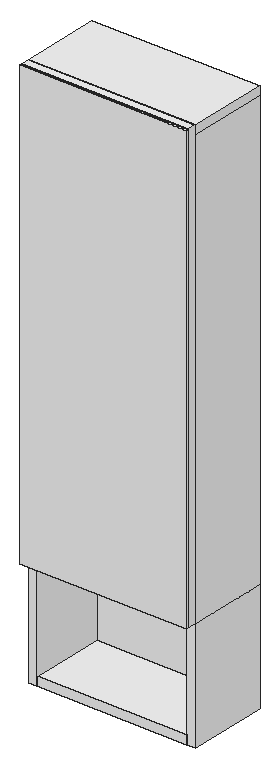
Revit family "Reece_Mirror_Posh_Domaine Plus_Mirror Cabinet", category Casework, Revit 2018
Family settings
  Work Plane-Based = Yes
  Always vertical = Yes
  Cut with Voids When Loaded = Yes
  Shared = Yes
  Room Calculation Point = Yes
Parameters (values of type "300 mm x 1000 mm_1 Door")
  Width = Reece_Overall_Width  # 300 mm
  URL = "https://www.reece.com.au/product/-2351391"
  Type Comments = "Mirror"
  Reece_Shelf_Visibility = yes
  Reece_Product_Web Page = "https://www.reece.com.au/product/-2351391"
  Reece_Product_Type = "Mirror"  # constant formula
  Reece_Product_Sub Brand = "Domaine Plus"  # constant formula
  Reece_Product_Number = "2351391"
  Reece_Product_Mount = "Wall Mounted"
  Reece_Product_Finishes_Web Page = "https://digitalassets.reecegroup.com.au/m/6d9540dd98ec1349/original/Finish-and-Material-Variations-ADP-Shaving-Cabinets-and-Tall-Boy.pdf"
  Reece_Product_Description = "Posh Domaine Plus 300mm x 1000mm Shaving Cabinet Open Shelf 1 Door"
  Reece_Product_Brand = "Posh"  # constant formula
  Reece_Panels_Count = 1
  Reece_Panel_Width = ((Reece_Overall_Width - 2 mm) - (Reece_Panels_Count - 1) * 2.5 mm) / Reece_Panels_Count  # 298 mm
  Reece_Overall_Width = 300 mm
  Reece_Overall_Height [instance] = 1000 mm
  Reece_Overall_Depth = 159 mm  # constant formula
  Reece_Open_Shelf_Height = if((Reece_Has_Open_Shelf), 200 mm, 0 mm)  # 200 mm
  Reece_Material_Shelf = Reece_Glass_Transparent_Grey
  Reece_Material_Colour = Reece_Light_LED_White
  Reece_Material_Secondary = Reece_Plastic_White
  Reece_Material_Main = Reece_Glass_Mirror
  Reece_Material_Cabinet = Reece_Solid_Surface_Matte_White
  Reece_Height_From_Level [instance] = 1000 mm
  Reece_Has_Open_Shelf = yes
  Reece_Double_GPO = if(and(Reece_Overall_Depth = 159 mm, Reece_Overall_Width > 1499 mm), 1 = 1, 1 = 0)  # no
  Reece_Domaine_Plus = 1 = 1  # yes
  Reece_Dividers = if(Reece_Divider_Count = 2, 1 = 1, 1 = 0)  # no
  Reece_Divider_Count = if(or(Reece_Panels_Count = 1, Reece_Panels_Count = 4), 1, Reece_Panels_Count - 1)  # 1
  Reece_Detail_Shape = ""
  Reece_Detail_Material = "Premium Graphite Interior"  # constant formula
  Reece_Detail_Installation = ""
  Reece_Detail_Disclaimer = "THIS FILE IS THE PROPERTY OF THE REECE GROUP. IT MAY NOT BE REPRODUCED, REVERSE-ENGINEERED OR MODIFIED. ANY REPUBLICATION, TRANSMISSION OR DISTRIBUTION FOR THE PURPOSE OF COMMERCIALLY EXPLOITING THE FILES IS PROHIBITED."  # constant formula
  Reece_Detail_Connector = ""
  Reece_Detail_Additional = "Please refer to Colour, Finish and Material Variations Document in the Reece_Product_Finishes_Web Page parameter for more information."  # constant formula
  Reece_Central_Divider_Visibility = no
  Reece_Cabinet_Height = 800 mm  # constant formula
  Reece_Bottom_Shelf_Offset = if(Reece_Domaine_Plus, 20 mm, 0 mm)  # 20 mm
  Reece_Bottom_Shelf_Face_Offset = if(Reece_Domaine_Plus, 10 mm, 0 mm)  # 10 mm
  Reece_Array_Count = if(Reece_Panels_Count = 1, 2, Reece_Panels_Count)  # 2
  Model = "Domaine Plus"
  Manufacturer = "Posh"
  Keynote = "Product #2351391, Reece_Mirror_Posh_Domaine Plus_Mirror Cabinet - 300 mm x 1000 mm_1 Door"
  Height = Reece_Cabinet_Height + Reece_Open_Shelf_Height  # 1000 mm
  Finish = "Please refer to Colour, Finish and Material Variations Document in the Reece_Product_Finishes_Web Page parameter for more information."  # constant formula
  Disclaimer = "THIS FILE IS THE PROPERTY OF THE REECE GROUP. IT MAY NOT BE REPRODUCED, REVERSE-ENGINEERED OR MODIFIED. ANY REPUBLICATION, TRANSMISSION OR DISTRIBUTION FOR THE PURPOSE OF COMMERCIALLY EXPLOITING THE FILES IS PROHIBITED."  # constant formula
  Description = "Posh Domaine Plus 300mm x 1000mm Shaving Cabinet Open Shelf 1 Door"
  Depth = Reece_Overall_Depth  # 159 mm
  Default Elevation = 0 mm
Types (17, lengths in mm): name | Width | URL | Reece_Shelf_Visibility | Reece_Product_Web Page | Reece_Product_Number | Reece_Product_Finishes_Web Page | Reece_Product_Description | Reece_Panels_Count | Reece_Panel_Width | Reece_Overall_Width | Reece_Overall_Height | Reece_Open_Shelf_Height | Reece_Has_Open_Shelf | Reece_Double_GPO | Reece_Dividers | Reece_Divider_Count | Reece_Central_Divider_Visibility | Reece_Array_Count | Keynote | Height | Description
  300 mm x 1000 mm_1 Door | 300 | "https://www.reece.com.au/product/-2351391" | yes | "https://www.reece.com.au/product/-2351391" | "2351391" | "https://digitalassets.reecegroup.com.au/m/6d9540dd98ec1349/original/Finish-and-Material-Variations-ADP-Shaving-Cabinets-and-Tall-Boy.pdf" | "Posh Domaine Plus 300mm x 1000mm Shaving Cabinet Open Shelf 1 Door" | 1 | 298 | 300 | 1000 | 200 | yes | no | no | 1 | no | 2 | "Product #2351391, Reece_Mirror_Posh_Domaine Plus_Mirror Cabinet - 300 mm x 1000 mm_1 Door" | 1000 | "Posh Domaine Plus 300mm x 1000mm Shaving Cabinet Open Shelf 1 Door"
  300 mm x 800 mm_1 Door | 300 | "https://www.reece.com.au/product/-2351398" | no | "https://www.reece.com.au/product/-2351398" | "2351398" | "https://digitalassets.reecegroup.com.au/m/6d9540dd98ec1349/original/Finish-and-Material-Variations-ADP-Shaving-Cabinets-and-Tall-Boy.pdf" | "Posh Domaine Plus 300mm x 800mm Shaving Cabinet Graphite Interior LED 1 Door" | 1 | 298 | 300 | 800 | 0 | no | no | no | 1 | no | 2 | "Product #2351398, Reece_Mirror_Posh_Domaine Plus_Mirror Cabinet - 300 mm x 800 mm_1 Door" | 800 | "Posh Domaine Plus 300mm x 800mm Shaving Cabinet Graphite Interior LED 1 Door"
  400 mm x 1000 mm_1 Door | 400 | "https://www.reece.com.au/product/-2351392" | yes | "https://www.reece.com.au/product/-2351392" | "2351392" | "https://digitalassets.reecegroup.com.au/m/6d9540dd98ec1349/original/Finish-and-Material-Variations-ADP-Shaving-Cabinets-and-Tall-Boy.pdf" | "Posh Domaine Plus 400mm x 1000mm Shaving Cabinet Open Shelf 1 Door" | 1 | 398 | 400 | 1000 | 200 | yes | no | no | 1 | no | 2 | "Product #2351392, Reece_Mirror_Posh_Domaine Plus_Mirror Cabinet - 400 mm x 1000 mm_1 Door" | 1000 | "Posh Domaine Plus 400mm x 1000mm Shaving Cabinet Open Shelf 1 Door"
  400 mm x 800 mm_1 Door | 400 | "https://www.reece.com.au/product/-2351399" | yes | "https://www.reece.com.au/product/-2351399" | "2351399" | "https://digitalassets.reecegroup.com.au/m/6d9540dd98ec1349/original/Finish-and-Material-Variations-ADP-Shaving-Cabinets-and-Tall-Boy.pdf" | "Posh Domaine Plus 400mm x 800mm Shaving Cabinet Graphite Interior LED 1 Door" | 1 | 398 | 400 | 800 | 0 | no | no | no | 1 | no | 2 | "Product #2351399, Reece_Mirror_Posh_Domaine Plus_Mirror Cabinet - 400 mm x 800 mm_1 Door" | 800 | "Posh Domaine Plus 400mm x 800mm Shaving Cabinet Graphite Interior LED 1 Door"
  500 mm x 1000 mm_1 Door | 500 | "https://www.reece.com.au/product/-2351393" | yes | "https://www.reece.com.au/product/-2351393" | "2351393" | "https://digitalassets.reecegroup.com.au/m/6d9540dd98ec1349/original/Finish-and-Material-Variations-ADP-Shaving-Cabinets-and-Tall-Boy.pdf" | "Posh Domaine Plus 500mm x 1000mm Shaving Cabinet Open Shelf 1 Door" | 1 | 498 | 500 | 1000 | 200 | yes | no | no | 1 | no | 2 | "Product #2351393, Reece_Mirror_Posh_Domaine Plus_Mirror Cabinet - 500 mm x 1000 mm_1 Door" | 1000 | "Posh Domaine Plus 500mm x 1000mm Shaving Cabinet Open Shelf 1 Door"
  500 mm x 800 mm_1 Door | 500 | "https://www.reece.com.au/product/-2351400" | yes | "https://www.reece.com.au/product/-2351400" | "2351400" | "https://digitalassets.reecegroup.com.au/m/6d9540dd98ec1349/original/Finish-and-Material-Variations-ADP-Shaving-Cabinets-and-Tall-Boy.pdf" | "Posh Domaine Plus 500mm x 800mm Shaving Cabinet Graphite Interior LED 1 Door" | 1 | 498 | 500 | 800 | 0 | no | no | no | 1 | no | 2 | "Product #2351400, Reece_Mirror_Posh_Domaine Plus_Mirror Cabinet - 500 mm x 800 mm_1 Door" | 800 | "Posh Domaine Plus 500mm x 800mm Shaving Cabinet Graphite Interior LED 1 Door"
  600 mm x 1000 mm_2 Doors | 600 | "https://www.reece.com.au/product/-2351394" | yes | "https://www.reece.com.au/product/-2351394" | "2351394" | "https://digitalassets.reecegroup.com.au/m/6d9540dd98ec1349/original/Finish-and-Material-Variations-ADP-Shaving-Cabinets-and-Tall-Boy.pdf" | "Posh Domaine Plus 600mm x 1000mm Shaving Cabinet Open Shelf 2 Door" | 2 | 297.75 | 600 | 1000 | 200 | yes | no | no | 1 | no | 2 | "Product #2351394, Reece_Mirror_Posh_Domaine Plus_Mirror Cabinet - 600 mm x 1000 mm_2 Doors" | 1000 | "Posh Domaine Plus 600mm x 1000mm Shaving Cabinet Open Shelf 2 Door"
  600 mm x 800 mm_2 Doors | 600 | "https://www.reece.com.au/product/-2351401" | yes | "https://www.reece.com.au/product/-2351401" | "2351401" | "" | "Posh Domaine Plus 600mm x 800mm Shaving Cabinet Graphite Interior LED 2 Door" | 2 | 297.75 | 600 | 800 | 0 | no | no | no | 1 | no | 2 | "Product #2351401, Reece_Mirror_Posh_Domaine Plus_Mirror Cabinet - 600 mm x 800 mm_2 Doors" | 800 | "Posh Domaine Plus 600mm x 800mm Shaving Cabinet Graphite Interior LED 2 Door"
  750 mm x 1000 mm_2 Doors | 750 | "https://www.reece.com.au/product/-2351395" | yes | "https://www.reece.com.au/product/-2351395" | "2351395" | "https://digitalassets.reecegroup.com.au/m/6d9540dd98ec1349/original/Finish-and-Material-Variations-ADP-Shaving-Cabinets-and-Tall-Boy.pdf" | "Posh Domaine Plus 750mm x 1000mm Shaving Cabinet Open Shelf 2 Door" | 2 | 372.75 | 750 | 1000 | 200 | yes | no | no | 1 | no | 2 | "Product #2351395, Reece_Mirror_Posh_Domaine Plus_Mirror Cabinet - 750 mm x 1000 mm_2 Doors" | 1000 | "Posh Domaine Plus 750mm x 1000mm Shaving Cabinet Open Shelf 2 Door"
  750 mm x 800 mm_2 Doors | 750 | "https://www.reece.com.au/product/-2351402" | yes | "https://www.reece.com.au/product/-2351402" | "2351402" | "https://digitalassets.reecegroup.com.au/m/6d9540dd98ec1349/original/Finish-and-Material-Variations-ADP-Shaving-Cabinets-and-Tall-Boy.pdf" | "Posh Domaine Plus 750mm x 800mm Shaving Cabinet Graphite Interior LED 2 Door" | 2 | 372.75 | 750 | 800 | 0 | no | no | no | 1 | no | 2 | "Product #2351402, Reece_Mirror_Posh_Domaine Plus_Mirror Cabinet - 750 mm x 800 mm_2 Doors" | 800 | "Posh Domaine Plus 750mm x 800mm Shaving Cabinet Graphite Interior LED 2 Door"
  900 mm x 1000 mm_2 Doors | 900 | "https://www.reece.com.au/product/-2351396" | no | "https://www.reece.com.au/product/-2351396" | "2351396" | "https://digitalassets.reecegroup.com.au/m/6d9540dd98ec1349/original/Finish-and-Material-Variations-ADP-Shaving-Cabinets-and-Tall-Boy.pdf" | "Posh Domaine Plus 900mm x 1000mm Shaving Cabinet Open Shelf 2 Door" | 2 | 447.75 | 900 | 1000 | 200 | yes | no | no | 1 | no | 2 | "Product #2351396, Reece_Mirror_Posh_Domaine Plus_Mirror Cabinet - 900 mm x 1000 mm_2 Doors" | 1000 | "Posh Domaine Plus 900mm x 1000mm Shaving Cabinet Open Shelf 2 Door"
  900 mm x 800 mm_2 Doors | 900 | "https://www.reece.com.au/product/-2351403" | yes | "https://www.reece.com.au/product/-2351403" | "2351403" | "https://digitalassets.reecegroup.com.au/m/6d9540dd98ec1349/original/Finish-and-Material-Variations-ADP-Shaving-Cabinets-and-Tall-Boy.pdf" | "Posh Domaine Plus 900mm x 800mm Shaving Cabinet Graphite Interior LED 2 Door" | 2 | 447.75 | 900 | 800 | 0 | no | no | no | 1 | no | 2 | "Product #2351403, Reece_Mirror_Posh_Domaine Plus_Mirror Cabinet - 900 mm x 800 mm_2 Doors" | 800 | "Posh Domaine Plus 900mm x 800mm Shaving Cabinet Graphite Interior LED 2 Door"
  1200 mm x 1000 mm_2 Doors | 1200 | "https://www.reece.com.au/product/-2351397" | yes | "https://www.reece.com.au/product/-2351397" | "2351397" | "https://digitalassets.reecegroup.com.au/m/6d9540dd98ec1349/original/Finish-and-Material-Variations-ADP-Shaving-Cabinets-and-Tall-Boy.pdf" | "Posh Domaine Plus 1200mm x 1000mm Shaving Cabinet Open Shelf 2 Door" | 2 | 597.75 | 1200 | 1000 | 200 | yes | no | no | 1 | yes | 2 | "Product #2351397, Reece_Mirror_Posh_Domaine Plus_Mirror Cabinet - 1200 mm x 1000 mm_2 Doors" | 1000 | "Posh Domaine Plus 1200mm x 1000mm Shaving Cabinet Open Shelf 2 Door"
  1200 mm x 800 mm_2 Doors | 1200 | "https://www.reece.com.au/product/-2351404" | yes | "https://www.reece.com.au/product/-2351404" | "2351404" | "https://digitalassets.reecegroup.com.au/m/6d9540dd98ec1349/original/Finish-and-Material-Variations-ADP-Shaving-Cabinets-and-Tall-Boy.pdf" | "Posh Domaine Plus 1200mm x 800mm Shaving Cabinet Graphite Interior LED 2 Door" | 2 | 597.75 | 1200 | 800 | 0 | no | no | no | 1 | yes | 2 | "Product #2351404, Reece_Mirror_Posh_Domaine Plus_Mirror Cabinet - 1200 mm x 800 mm_2 Doors" | 800 | "Posh Domaine Plus 1200mm x 800mm Shaving Cabinet Graphite Interior LED 2 Door"
  1200 mm x 800 mm_3 Doors | 1200 | "https://www.reece.com.au/product/-2351405" | yes | "https://www.reece.com.au/product/-2351405" | "2351405" | "https://digitalassets.reecegroup.com.au/m/6d9540dd98ec1349/original/Finish-and-Material-Variations-ADP-Shaving-Cabinets-and-Tall-Boy.pdf" | "Posh Domaine Plus 1200mm x 800mm Shaving Cabinet Graphite Interior LED 3 Door" | 3 | 397.667 | 1200 | 800 | 0 | no | no | yes | 2 | no | 3 | "Product #2351405, Reece_Mirror_Posh_Domaine Plus_Mirror Cabinet - 1200 mm x 800 mm_3 Doors" | 800 | "Posh Domaine Plus 1200mm x 800mm Shaving Cabinet Graphite Interior LED 3 Door"
  1500 mm x 800 mm_3 Doors | 1500 | "https://www.reece.com.au/product/-2351406" | yes | "https://www.reece.com.au/product/-2351406" | "2351406" | "https://digitalassets.reecegroup.com.au/m/6d9540dd98ec1349/original/Finish-and-Material-Variations-ADP-Shaving-Cabinets-and-Tall-Boy.pdf" | "Posh Domaine Plus 1500mm x 800mm Shaving Cabinet Graphite Interior LED 3 Door" | 3 | 497.667 | 1500 | 800 | 0 | no | yes | yes | 2 | no | 3 | "Product #2351406, Reece_Mirror_Posh_Domaine Plus_Mirror Cabinet - 1500 mm x 800 mm_3 Doors" | 800 | "Posh Domaine Plus 1500mm x 800mm Shaving Cabinet Graphite Interior LED 3 Door"
  1800 mm x 800 mm_4 Doors | 1800 | "https://www.reece.com.au/product/-2351407" | yes | "https://www.reece.com.au/product/-2351407" | "2351407" | "https://digitalassets.reecegroup.com.au/m/6d9540dd98ec1349/original/Finish-and-Material-Variations-ADP-Shaving-Cabinets-and-Tall-Boy.pdf" | "Posh Domaine Plus 1800mm x 800mm Shaving Cabinet Graphite Interior LED 4 Door" | 4 | 447.625 | 1800 | 800 | 0 | no | yes | no | 1 | yes | 4 | "Product #2351407, Reece_Mirror_Posh_Domaine Plus_Mirror Cabinet - 1800 mm x 800 mm_4 Doors" | 800 | "Posh Domaine Plus 1800mm x 800mm Shaving Cabinet Graphite Interior LED 4 Door"
Reference planes
  plane 1 "Center (Front/Back)": y = 0
  plane 2 "Bottom Host Plane": z = 0
  plane 3 "Center (Left/Right)": x = 0
  plane 4 "Left": x = -150
  plane 5 "Front Face": y = -159
  plane 6 "Right": x = 150
  plane 7 "Top Host Plane": z = 2000
  plane 8: y = -10
  plane 9: z = -5
  plane 10: z = 1200
  plane 11: x = -134
  plane 12: x = 134
  plane 13: z = 2000
  plane 14: z = 1220
  plane 15 "Cabinet Face": y = -143
  plane 16: z = 1000
  plane 17: z = 1016
  plane 18: z = 1236
  plane 19: x = -149
  plane 20: x = 149
  plane 21: z = 1984
  plane 22: x = -149
  plane 23 "Mirror Vertical CL": x = 0
  plane 24: z = 1610
  plane 25: z = 1734.667
  plane 26: z = 1485.333
  plane 27 "GPO Vertical CL": x = -20
  plane 28 "GPO Horizontal CL": z = 1408
  plane 29: z = 1736.667
  plane 30: z = 1735.667
  plane 31 "Shelf Face": y = -138
  plane 32: z = 1487.333
  plane 33: z = 1486.333
  plane 34: x = 149
  plane 35: x = 151.5
  plane 36: x = 8
  plane 37: x = -8
  plane 38: x = 134.25
  plane 39: x = 150.25
  plane 40: x = 166.25
  plane 41: x = -151.5
  plane 42: x = -150.25
  plane 43: x = -134.25
  plane 44: x = 20
  plane 45: y = -123
  plane 46: y = -113
  plane 47: y = -133
  plane 48: x = -95
  plane 49: y = -141.5
  plane 50: z = 1411
Forms (mm)
  Extrusion 1, solid, material "Reece_Solid_Surface_Matte_White" <- "Reece_Material_Cabinet"
    sketch origin (0, 0, 0) x (1, 0, 0) y (0, 0, 1)
      loop
        line (-134, 1984) -> (-134, 1200) -> (134, 1200) -> (134, 1984) -> (-134, 1984)
    from 0 to 10
  Extrusion 2, solid, material "Reece_Solid_Surface_Matte_White" <- "Reece_Material_Cabinet"
    sketch origin (0, 0, 0) x (1, 0, 0) y (0, 0, 1)
      loop
        line (-150, 1984) -> (-150, 1200) -> (-134, 1200) -> (-134, 1984) -> (-150, 1984)
    from 0 to 143
  Extrusion 3, solid, material "Reece_Solid_Surface_Matte_White" <- "Reece_Material_Cabinet"
    sketch origin (0, 0, 0) x (1, 0, 0) y (0, 0, 1)
      loop
        line (134, 1984) -> (134, 1200) -> (150, 1200) -> (150, 1984) -> (134, 1984)
    from 0 to 143
  Extrusion 4, solid, material "Reece_Solid_Surface_Matte_White" <- "Reece_Material_Cabinet", visible <- "Reece_Has_Open_Shelf"
    sketch origin (0, 0, 0) x (1, 0, 0) y (0, 0, 1)
      loop
        line (-150, 1200) -> (-150, 1000) -> (-134, 1000) -> (-134, 1200) -> (-150, 1200)
    from 0 to 143
  Extrusion 5, solid, material "Reece_Solid_Surface_Matte_White" <- "Reece_Material_Cabinet", visible <- "Reece_Has_Open_Shelf"
    sketch origin (0, 0, 0) x (1, 0, 0) y (0, 0, 1)
      loop
        line (134, 1200) -> (134, 1000) -> (150, 1000) -> (150, 1200) -> (134, 1200)
    from 0 to 143
  Extrusion 6, solid, material "Reece_Solid_Surface_Matte_White" <- "Reece_Material_Cabinet", visible <- "Reece_Has_Open_Shelf"
    sketch origin (0, 0, 0) x (1, 0, 0) y (0, 0, 1)
      loop
        line (-134, 1016) -> (-134, 1000) -> (134, 1000) -> (134, 1016) -> (-134, 1016)
    from 0 to 143
  Extrusion 7, solid, material "Reece_Solid_Surface_Matte_White" <- "Reece_Material_Cabinet", visible <- "Reece_Has_Open_Shelf"
    sketch origin (0, 0, 0) x (1, 0, 0) y (0, 0, 1)
      loop
        line (-134, 1200) -> (-134, 1016) -> (134, 1016) -> (134, 1200) -> (-134, 1200)
    from 0 to 10
  Extrusion 8, solid, material "Reece_Glass_Mirror" <- "Reece_Material_Main"
    sketch origin (211, 356, 500) x (1, 0, 0) y (0, 0, 1)
      loop
        line (-360, 1500) -> (-360, 700) -> (-62, 700) -> (-62, 1500) -> (-360, 1500)
    from 515 to 519
  Extrusion 9, solid, material "Reece_Glass_Mirror" <- "Reece_Material_Main"
    sketch origin (211, 356, 500) x (1, 0, 0) y (0, 0, 1)
      loop
        line (-360, 1500) -> (-360, 700) -> (-62, 700) -> (-62, 1500) -> (-360, 1500)
    from 515 to 519
  Extrusion 10, solid, material "Reece_Solid_Surface_Matte_White" <- "Reece_Material_Cabinet"
    sketch origin (0, 0, 0) x (1, 0, 0) y (0, 0, 1)
      loop
        line (-150, 2000) -> (-150, 1984) -> (150, 1984) -> (150, 2000) -> (-150, 2000)
    from 0 to 143
  Extrusion 11, solid, material "Reece_Solid_Surface_Matte_White" <- "Reece_Material_Cabinet"
    sketch origin (211, 368.555, 500) x (1, 0, 0) y (0, 0, 1)
      loop
        line (-360, 1500) -> (-360, 700) -> (-62, 700) -> (-62, 1500) -> (-360, 1500)
    from 511.555 to 527.555
  Extrusion 12, solid, material "Reece_Solid_Surface_Matte_White" <- "Reece_Material_Cabinet"
    sketch origin (211, 368.555, 500) x (1, 0, 0) y (0, 0, 1)
      loop
        line (-360, 1500) -> (-360, 700) -> (-62, 700) -> (-62, 1500) -> (-360, 1500)
    from 511.555 to 527.555
  Extrusion 13, solid, material "Reece_Solid_Surface_Matte_White" <- "Reece_Material_Cabinet"
    sketch origin (0, 0, 0) x (1, 0, 0) y (0, 0, 1)
      loop
        line (-134, 1236) -> (-134, 1220) -> (134, 1220) -> (134, 1236) -> (-134, 1236)
    from 10 to 133
  Extrusion 14, solid, material "Reece_Glass_Transparent_Grey" <- "Reece_Material_Shelf", visible <- "Reece_Shelf_Visibility"
    sketch origin (0, 0, 0) x (1, 0, 0) y (0, 0, 1)
      loop
        line (-134, 1736.667) -> (-134, 1734.667) -> (134, 1734.667) -> (134, 1736.667) -> (-134, 1736.667)
    from 10 to 138
  Extrusion 15, solid, material "Reece_Glass_Transparent_Grey" <- "Reece_Material_Shelf", visible <- "Reece_Shelf_Visibility"
    sketch origin (0, 0, 0) x (1, 0, 0) y (0, 0, 1)
      loop
        line (-134, 1487.333) -> (-134, 1485.333) -> (134, 1485.333) -> (134, 1487.333) -> (-134, 1487.333)
    from 10 to 138
  Extrusion 16, solid, material "Reece_Solid_Surface_Matte_White" <- "Reece_Material_Cabinet", visible <- "Reece_Central_Divider_Visibility"
    sketch origin (0, 0, 0) x (1, 0, 0) y (0, 0, 1)
      loop
        line (-8, 1984) -> (-8, 1236) -> (8, 1236) -> (8, 1984) -> (-8, 1984)
    from 10 to 143
  Extrusion 17, solid, material "Reece_Solid_Surface_Matte_White" <- "Reece_Material_Cabinet", visible <- "Reece_Dividers"
    sketch origin (0, 0, 0) x (1, 0, 0) y (0, 0, 1)
      loop
        line (134.25, 1984) -> (134.25, 1236) -> (150.25, 1236) -> (150.25, 1984) -> (134.25, 1984)
    from 10 to 143
  Extrusion 18, solid, material "Reece_Solid_Surface_Matte_White" <- "Reece_Material_Cabinet", visible <- "Reece_Dividers"
    sketch origin (0, 0, 0) x (1, 0, 0) y (0, 0, 1)
      loop
        line (150.25, 1984) -> (150.25, 1236) -> (166.25, 1236) -> (166.25, 1984) -> (150.25, 1984)
    from 10 to 143
  Extrusion 19, solid, material "Reece_Solid_Surface_Matte_White" <- "Reece_Material_Cabinet", visible <- "Reece_Dividers"
    sketch origin (0, 0, 0) x (1, 0, 0) y (0, 0, 1)
      loop
        line (-150.25, 1984) -> (-150.25, 1236) -> (-134.25, 1236) -> (-134.25, 1984) -> (-150.25, 1984)
    from 10 to 143
  Extrusion 20, solid, material "Reece_Light_LED_White" <- "Reece_Material_Colour", visible <- "Reece_Domaine_Plus"
    sketch origin (0, 0, 0) x (1, 0, 0) y (0, 0, 1)
      loop
        line (-134, 1220) -> (-134, 1200) -> (134, 1200) -> (134, 1220) -> (-134, 1220)
    from 113 to 123
  Extrusion 21, solid, material "Reece_Glass_Mirror" <- "Reece_Material_Main"
    sketch origin (150.125, 0, 879) x (1, 0, 0) y (0, 0, 1)
      loop
        circle (-150.125, 731) r 95
    from 141.5 to 143
Lines and regions (mm)
  model lines, style "InvisibleLines"
    curve 1: line (0, 0, -5) -> (0, 0, 1000)
Text (mm)
  text "Reece ©" at (2750.254, -2396.412, 2870.147), in view "Reece Preview"
  text "Reece Copyright © 2018, Reece Ltd." at (-526.759, -443.435, 0), in view "Ref. Level"
Dimensions and locks
  "Reece_Overall_Width": plane 6 "Right" to plane 4 "Left"
  equal spacing: plane 6 "Right", plane 3 "Center (Left/Right)", plane 4 "Left"
  "Reece_Overall_Depth": plane 1 "Center (Front/Back)" to plane 5 "Front Face"
  "Reece_Overall_Depth": plane 5 "Front Face" to plane 1 "Center (Front/Back)"
  locked: plane 1 "Center (Front/Back)" to plane 8 at 10
  locked: plane 11 to plane 4 "Left" at 16
  locked: plane 12 to plane 6 "Right" at 16
  "Reece_Bottom_Shelf_Offset": plane 14 to plane 10
  "Reece_Open_Shelf_Height": plane 10 to plane 16
  "Reece_Height_From_Level": plane 16 to plane 2 "Bottom Host Plane"
  "Reece_Cabinet_Height": plane 7 "Top Host Plane" to plane 10
  Extrusion 2 to Extrusion 4 sketch curve = 200 mm
  plane 10 to Extrusion 5 sketch curve = 200 mm
  locked: plane 17 to plane 16 at 16
  locked: plane 18 to plane 14 at 16
  locked: plane 19 to plane 4 "Left" at 1
  locked: plane 20 to plane 6 "Right" at 1
  locked: plane 15 "Cabinet Face" to plane 5 "Front Face" at 16
  "Reece_Panel_Width": Extrusion 8 sketch curve to Extrusion 8 sketch curve
  "Reece_Cabinet_Height": Extrusion 8 sketch curve to Extrusion 8 sketch curve
  "Reece_Overall_Height": plane 7 "Top Host Plane" to plane 16
  "Reece_Panel_Width": Extrusion 9 sketch curve to Extrusion 9 sketch curve
  "Reece_Cabinet_Height": Extrusion 9 sketch curve to Extrusion 9 sketch curve
  group 1 to group 2 = 0 mm  (x3)
  locked: plane 13 to plane 21 at 16
  "Reece_Panel_Width": Extrusion 11 sketch curve to Extrusion 11 sketch curve
  "Reece_Cabinet_Height": Extrusion 11 sketch curve to Extrusion 11 sketch curve
  "Reece_Panel_Width": Extrusion 12 sketch curve to Extrusion 12 sketch curve
  "Reece_Cabinet_Height": Extrusion 12 sketch curve to Extrusion 12 sketch curve
  "Reece_Panel_Width": plane 22 to plane 20
  equal spacing: plane 20, plane 23 "Mirror Vertical CL", plane 22
  equal spacing: plane 13, plane 24, plane 14
  equal spacing: plane 21, plane 25, plane 26, plane 18
  locked: plane 27 "GPO Vertical CL" to plane 6 "Right" at 170
  locked: plane 28 "GPO Horizontal CL" to plane 14 at 188
  equal spacing: plane 29, plane 30, plane 25
  locked: plane 31 "Shelf Face" to plane 15 "Cabinet Face" at 5
  equal spacing: plane 32, plane 33, plane 26
  locked: plane 29 to plane 25 at 2
  locked: plane 32 to plane 26 at 2
  "Reece_Panel_Width": plane 19 to plane 34
  locked: plane 35 to plane 34 at 2.5
  equal spacing: plane 36, plane 3 "Center (Left/Right)", plane 37
  locked: plane 36 to plane 37 at 16
  equal spacing: plane 35, plane 39, plane 34
  locked: plane 39 to plane 38 at 16
  locked: plane 40 to plane 39 at 16
  locked: plane 22 to plane 41 at 2.5
  equal spacing: plane 22, plane 42, plane 41
  locked: plane 43 to plane 42 at 16
  locked: plane 44 to plane 4 "Left" at 170
  locked: plane 45 to plane 15 "Cabinet Face" at 20
  plane 46 to plane 45 = 10 mm
  "Reece_Bottom_Shelf_Face_Offset": plane 47 to plane 15 "Cabinet Face"
  Extrusion 13 to Extrusion 20 sketch curve = 20 mm
  locked: plane 23 "Mirror Vertical CL" to plane 48 at 95
  locked: plane 15 "Cabinet Face" to plane 49 at 1.5
  locked: plane 50 to plane 18 at 175
  radius of Extrusion 21 sketch curve = 95 mm
  aligned and locked: plane 9 to curve 1
  aligned and locked: Extrusion 1 sketch curve to plane 11
  aligned and locked: Extrusion 1 sketch curve to plane 12
  aligned and locked: Extrusion 2 to plane 4 "Left"
  aligned and locked: Extrusion 2 to plane 11
  aligned and locked: Extrusion 2 to plane 10
  aligned and locked: Extrusion 3 sketch curve to plane 6 "Right"
  aligned and locked: plane 10 to Extrusion 3 sketch curve
  aligned and locked: plane 12 to Extrusion 3 sketch curve
  aligned and locked: Extrusion 2 to plane 15 "Cabinet Face"
  aligned and locked: plane 16 to curve 1
  aligned and locked: Extrusion 4 sketch curve to plane 10
  aligned and locked: plane 4 "Left" to Extrusion 4 sketch curve
  aligned and locked: plane 11 to Extrusion 4 sketch curve
  aligned and locked: Extrusion 5 sketch curve to plane 10
  aligned and locked: plane 12 to Extrusion 5 sketch curve
  aligned and locked: plane 6 "Right" to Extrusion 5 sketch curve
  aligned and locked: Extrusion 6 sketch curve to plane 12
  aligned and locked: plane 17 to Extrusion 6 sketch curve
  aligned and locked: Extrusion 6 sketch curve to plane 11
  aligned and locked: plane 16 to Extrusion 6 sketch curve
  aligned and locked: Extrusion 4 to plane 15 "Cabinet Face"
  aligned and locked: Extrusion 5 to plane 15 "Cabinet Face"
  aligned and locked: Extrusion 4 to plane 1 "Center (Front/Back)"
  aligned and locked: Extrusion 6 to plane 1 "Center (Front/Back)"
  aligned and locked: Extrusion 7 sketch curve to plane 17
  aligned and locked: Extrusion 7 sketch curve to plane 11
  aligned and locked: Extrusion 7 sketch curve to plane 10
  aligned and locked: Extrusion 7 sketch curve to plane 12
  aligned and locked: Extrusion 7 to plane 8
  aligned and locked: Extrusion 8 to plane 19  (x2)
  aligned and locked: Extrusion 8 to plane 7 "Top Host Plane"
  aligned and locked: Extrusion 8 to plane 5 "Front Face"
  aligned and locked: Extrusion 9 to plane 20
  aligned and locked: Extrusion 9 to plane 7 "Top Host Plane"
  aligned and locked: plane 21 to Extrusion 10 sketch curve
  aligned and locked: Extrusion 10 sketch curve to plane 13
  aligned and locked: Extrusion 11 to Extrusion 8
  aligned and locked: Extrusion 11 to plane 15 "Cabinet Face"
  aligned and locked: Extrusion 12 to Extrusion 9
  aligned and locked: Extrusion 11 to plane 19
  aligned and locked: Extrusion 11 to plane 7 "Top Host Plane"
  aligned and locked: Extrusion 13 sketch curve to plane 12
  aligned and locked: Extrusion 13 sketch curve to plane 18
  aligned and locked: plane 14 to Extrusion 13 sketch curve
  aligned and locked: Extrusion 13 sketch curve to plane 11
  aligned and locked: plane 8 to Extrusion 13
  aligned and locked: plane 27 "GPO Vertical CL" to nested 1
  aligned and locked: nested 1 to plane 28 "GPO Horizontal CL"
  aligned and locked: nested 2 to plane 28 "GPO Horizontal CL"
  aligned and locked: Extrusion 14 sketch curve to plane 11
  aligned and locked: Extrusion 14 sketch curve to plane 29
  aligned and locked: plane 8 to Extrusion 14
  aligned and locked: plane 31 "Shelf Face" to Extrusion 14
  aligned and locked: Extrusion 14 sketch curve to plane 12
  aligned and locked: Extrusion 15 sketch curve to plane 11
  aligned and locked: plane 26 to Extrusion 15 sketch curve
  aligned and locked: Extrusion 15 sketch curve to plane 32
  aligned and locked: Extrusion 15 sketch curve to plane 12
  aligned and locked: plane 31 "Shelf Face" to Extrusion 15
  aligned and locked: plane 8 to Extrusion 15
  aligned and locked: plane 25 to Extrusion 14 sketch curve
  aligned and locked: plane 18 to Extrusion 16 sketch curve
  aligned and locked: Extrusion 16 sketch curve to plane 36
  aligned and locked: plane 37 to Extrusion 16 sketch curve
  aligned and locked: Extrusion 16 sketch curve to plane 21
  aligned and locked: Extrusion 16 to plane 15 "Cabinet Face"
  aligned and locked: Extrusion 16 to plane 8
  aligned and locked: Extrusion 17 sketch curve to plane 39
  aligned and locked: plane 18 to Extrusion 17 sketch curve
  aligned and locked: plane 38 to Extrusion 17 sketch curve
  aligned and locked: Extrusion 17 sketch curve to plane 21
  aligned and locked: Extrusion 18 sketch curve to plane 40
  aligned and locked: plane 18 to Extrusion 18 sketch curve
  aligned and locked: Extrusion 18 sketch curve to plane 21
  aligned and locked: plane 39 to Extrusion 18 sketch curve
  aligned and locked: Extrusion 18 to plane 15 "Cabinet Face"
  aligned and locked: Extrusion 17 to plane 15 "Cabinet Face"
  aligned and locked: Extrusion 19 sketch curve to plane 43
  aligned and locked: plane 42 to Extrusion 19 sketch curve
  aligned and locked: Extrusion 19 sketch curve to plane 21
  aligned and locked: plane 18 to Extrusion 19 sketch curve
  aligned and locked: Extrusion 19 to plane 15 "Cabinet Face"
  aligned and locked: Extrusion 19 to plane 8
  aligned and locked: nested 2 to plane 44
  aligned and locked: plane 15 "Cabinet Face" to Extrusion 12
  aligned and locked: Extrusion 13 to plane 47
  aligned and locked: Extrusion 20 sketch curve to plane 11
  aligned and locked: Extrusion 20 sketch curve to plane 12
  aligned and locked: Extrusion 20 sketch curve to plane 14
  aligned and locked: Extrusion 20 to plane 45
  aligned and locked: Extrusion 20 to plane 46
  aligned and locked: Extrusion 6 to plane 15 "Cabinet Face"
  aligned and locked: Extrusion 21 to plane 15 "Cabinet Face"
  aligned and locked: plane 49 to Extrusion 21
  aligned and locked: Extrusion 17 to plane 8
  aligned and locked: Extrusion 18 to plane 8
  aligned and locked: plane 13 to plane 7 "Top Host Plane"
  aligned and locked: Extrusion 10 to plane 4 "Left"
  aligned and locked: plane 21 to Extrusion 2
  aligned and locked: plane 21 to Extrusion 3
  aligned and locked: Extrusion 10 to plane 1 "Center (Front/Back)"
  aligned and locked: plane 21 to Extrusion 1
  aligned and locked: plane 15 "Cabinet Face" to Extrusion 10
  aligned and locked: Extrusion 3 to plane 15 "Cabinet Face"
  aligned and locked: Extrusion 1 to plane 8
  aligned and locked: plane 48 to Extrusion 21
Automatic sketch dimensions
  Extrusion 1 sketch curve to plane 10 = 0 mm
  Extrusion 2 sketch curve to plane 4 "Left" = 0 mm
  Extrusion 2 sketch curve to plane 10 = 0 mm
  plane 11 to Extrusion 2 sketch curve = 0 mm
  plane 7 "Top Host Plane" to Extrusion 2 sketch curve = 16 mm
  curve 1 to plane 3 "Center (Left/Right)" = 0 mm
  plane 50 to Extrusion 21 sketch curve = 199 mm
  plane 12 to Extrusion 10 sketch curve = 16 mm
  plane 4 "Left" to Extrusion 10 sketch curve = 0 mm
  plane 21 to Extrusion 3 sketch curve = 0 mm
  plane 21 to Extrusion 1 sketch curve = 0 mm
  Extrusion 21 sketch curve to plane 23 "Mirror Vertical CL" = 0 mm
Nested families
  nested 1: "Reece_Mirror Cabinet_GPO_Nested" at (-20, -10, 1408) x (1, 0, 0) z (0, -1, 0), visible <- "Reece_Domaine_Plus", type "Reece_Mirror Cabinet_GPO_Nested"
  nested 2: "Reece_Mirror Cabinet_GPO_Nested" at (20, -10, 1408) x (1, 0, 0) z (0, -1, 0), visible <- "Reece_Double_GPO", type "Reece_Mirror Cabinet_GPO_Nested"
Definition of nested family "Reece_Mirror Cabinet_GPO_Nested"
  Parameters (values of type "Reece_Mirror Cabinet_GPO_Nested")
    Waste Connection = no
    WFU = 0  # constant formula
    Vent Connection = no
    Reece_Product_Web Page = ""
    Reece_Product_Type = ""
    Reece_Product_Sub Brand = ""
    Reece_Product_Number = ""
    Reece_Product_Mount = ""
    Reece_Product_Description = ""
    Reece_Product_Brand = ""
    Reece_Overall_Width = 120 mm
    Reece_Overall_Height = 77 mm
    Reece_Overall_Depth = 7 mm
    Reece_Material_Main = none
    Reece_GPO_Depth = 5 mm
    Reece_Detail_Shape = ""
    Reece_Detail_Additional = ""
    HWFU = 0  # constant formula
    HW Connection = no
    Default Elevation = 0 mm
    CWFU = 0  # constant formula
    CW Connection = no
  Reference planes
    plane 1 "Center (Front/Back)": y = 0
    plane 2 "Bottom": z = 0
    plane 3 "Center (Left/Right)": x = 0
    plane 4 "Top": z = 5
    plane 5: x = -60
    plane 6: x = 60
    plane 7: y = 38.5
    plane 8: y = -38.5
    plane 9: x = -30
    plane 10: x = 30
    plane 11: y = 16.987
    plane 12: z = 7
  Forms (mm)
    Extrusion 1, solid
      sketch origin (619.2, -619.2, 0) x (1, 0, 0) y (0, 1, 0)
        loop
          line (-809.2, 779.2) -> (-809.2, 461.779) -> (-428.415, 461.779) -> (-428.415, 779.2) -> (-809.2, 779.2)
      from 0 to -9.564
    Extrusion 2, solid, material <- "Reece_Material_Main"
      sketch origin (0, 0, 0) x (1, 0, 0) y (0, 1, 0)
        loop
          arc (-55, 38.5) -> (-58.536, 37.036) -> (-60, 33.5) r 5
          line (-60, 33.5) -> (-60, -33.5)
          arc (-60, -33.5) -> (-58.536, -37.036) -> (-55, -38.5) r 5
          line (-55, -38.5) -> (55, -38.5)
          arc (55, -38.5) -> (58.536, -37.036) -> (60, -33.5) r 5
          line (60, -33.5) -> (60, 33.5)
          arc (60, 33.5) -> (58.536, 37.036) -> (55, 38.5) r 5
          line (55, 38.5) -> (-55, 38.5)
      from 0 to 5
    Extrusion 3, solid, material <- "Reece_Material_Main"
      sketch origin (0, 0, 0) x (1, 0, 0) y (0, 1, 0)
        loop
          arc (-35.5, 24.487) -> (-36.914, 23.901) -> (-37.5, 22.487) r 2
          line (-37.5, 22.487) -> (-37.5, 11.487)
          arc (-37.5, 11.487) -> (-36.914, 10.073) -> (-35.5, 9.487) r 2
          line (-35.5, 9.487) -> (-24.5, 9.487)
          arc (-24.5, 9.487) -> (-23.086, 10.073) -> (-22.5, 11.487) r 2
          line (-22.5, 11.487) -> (-22.5, 22.487)
          arc (-22.5, 22.487) -> (-23.086, 23.901) -> (-24.5, 24.487) r 2
          line (-24.5, 24.487) -> (-35.5, 24.487)
        loop
          arc (24.5, 24.487) -> (23.086, 23.901) -> (22.5, 22.487) r 2
          line (22.5, 22.487) -> (22.5, 11.487)
          arc (22.5, 11.487) -> (23.086, 10.073) -> (24.5, 9.487) r 2
          line (24.5, 9.487) -> (35.5, 9.487)
          arc (35.5, 9.487) -> (36.914, 10.073) -> (37.5, 11.487) r 2
          line (37.5, 11.487) -> (37.5, 22.487)
          arc (37.5, 22.487) -> (36.914, 23.901) -> (35.5, 24.487) r 2
          line (35.5, 24.487) -> (24.5, 24.487)
      from 5 to 7
    Extrusion 4, void
      sketch origin (0, 0, 0) x (1, 0, 0) y (0, 1, 0)
        loop
          line (-31, -16.472) -> (-31, -24.472) -> (-29, -24.472) -> (-29, -16.472) -> (-31, -16.472)
        loop
          line (-33.557, -5.789) -> (-38.7, -11.918) -> (-37.168, -13.203) -> (-32.025, -7.075) -> (-33.557, -5.789)
        loop
          line (-26.443, -5.789) -> (-27.975, -7.075) -> (-22.832, -13.203) -> (-21.3, -11.918) -> (-26.443, -5.789)
        loop
          line (29, -16.472) -> (29, -24.472) -> (31, -24.472) -> (31, -16.472) -> (29, -16.472)
        loop
          line (26.443, -5.789) -> (21.3, -11.918) -> (22.832, -13.203) -> (27.975, -7.075) -> (26.443, -5.789)
        loop
          line (33.557, -5.789) -> (32.025, -7.075) -> (37.168, -13.203) -> (38.7, -11.918) -> (33.557, -5.789)
      from 0 to 5
  Cuts and joins
    Extrusion 4 cuts Extrusion 2
  Text (mm)
    text "Reece Copyright © 2018, Reece Ltd." at (-1403.988, -1192.393, 0), in view "Ref. Level"
    text "Reece ©" at (44.384, 258.95, 192.345), in view "Reece Preview"
  Dimensions and locks
    "Reece_Overall_Width": plane 5 to plane 6
    equal spacing: plane 5, plane 3 "Center (Left/Right)", plane 6
    "Reece_Overall_Height": plane 7 to plane 8
    equal spacing: plane 7, plane 1 "Center (Front/Back)", plane 8
    plane 5 to plane 9 to plane 3 "Center (Left/Right)" to plane 10 to plane 6 = 30 mm, 30 mm, 30 mm, 30 mm
    Extrusion 3 sketch curve to Extrusion 3 sketch curve = 15 mm
    "Reece_GPO_Depth": plane 4 "Top" to plane 2 "Bottom"
    "Reece_Overall_Depth": plane 12 to plane 2 "Bottom"
    aligned and locked: plane 2 "Bottom" to Extrusion 1
    aligned and locked: level to Extrusion 1
    aligned and locked: Extrusion 2 sketch curve to plane 6
    aligned and locked: plane 8 to Extrusion 2 sketch curve
    aligned and locked: plane 5 to Extrusion 2 sketch curve
    aligned and locked: Extrusion 2 sketch curve to plane 7
    aligned and locked: plane 4 "Top" to Extrusion 2
    aligned and locked: plane 12 to Extrusion 3
    aligned and locked: Extrusion 3 to plane 4 "Top"
    aligned and locked: Extrusion 2 to plane 4 "Top"
    aligned and locked: Extrusion 2 to plane 2 "Bottom"
    aligned and locked: plane 4 "Top" to Extrusion 4
  Automatic sketch dimensions
    Extrusion 1 sketch curve to Extrusion 1 sketch curve = 380.785 mm
    Extrusion 1 sketch curve to Extrusion 1 sketch curve = 317.421 mm
    plane 5 to Extrusion 2 sketch curve = 5 mm  (x2)
    Extrusion 2 sketch curve to plane 6 = 5 mm  (x2)
    Extrusion 3 sketch curve to plane 9 = 7.5 mm
    Extrusion 3 sketch curve to Extrusion 3 sketch curve = 2 mm  (x7)
    Extrusion 3 sketch curve to plane 10 = 7.5 mm
    plane 10 to Extrusion 3 sketch curve = 5.5 mm  (x2)
    Extrusion 3 sketch curve to plane 11 = 7.5 mm  (x2)
    plane 11 to Extrusion 3 sketch curve = 5.5 mm  (x2)
    Extrusion 4 sketch curve to plane 9 = 8.7 mm
    Extrusion 4 sketch curve to Extrusion 4 sketch curve = 1.532 mm  (x4)
    Extrusion 4 sketch curve to plane 9 = 3.557 mm
    Extrusion 4 sketch curve to plane 9 = 1 mm
    plane 9 to Extrusion 4 sketch curve = 1 mm
    plane 9 to Extrusion 4 sketch curve = 2.025 mm
    Extrusion 4 sketch curve to Extrusion 4 sketch curve = 6.168 mm  (x2)
    Extrusion 4 sketch curve to plane 10 = 8.7 mm
    Extrusion 4 sketch curve to plane 10 = 3.557 mm
    Extrusion 4 sketch curve to plane 10 = 1 mm
    plane 10 to Extrusion 4 sketch curve = 1 mm
    plane 10 to Extrusion 4 sketch curve = 2.025 mm
    plane 8 to Extrusion 4 sketch curve = 14.028 mm  (x2)
    Extrusion 4 sketch curve to Extrusion 4 sketch curve = 8 mm  (x2)
    Extrusion 4 sketch curve to Extrusion 4 sketch curve = 3.268 mm  (x4)
    Extrusion 4 sketch curve to Extrusion 4 sketch curve = 1.286 mm  (x4)
